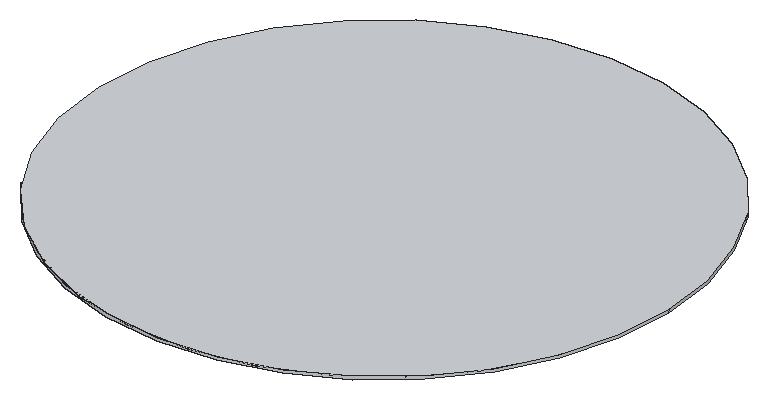
Revit family "SC-Survey_Point", category Generic Models, Revit 2013
Parameters
  Z [instance] = 0 mm
  Radius = 200 mm
  CrosshairSize = 1000 mm
Reference planes
  plane 1 "Center (Front/Back)": y = 0
  plane 2: z = 0
  plane 3 "Center (Left/Right)": x = 0
  plane 4: z = 0
  plane 5: x = -500
  plane 6: x = 500
  plane 7: y = -500
  plane 8: y = 500
Forms (mm)
  Extrusion 1, solid
    sketch origin (0, 0, 0) x (1, 0, 0) y (0, 1, 0)
      loop
        circle (0, 0) r 200
    from -2 to 0
Lines and regions (mm)
  model lines
    curve 1: line (-500, 0, 0) -> (0, 0, 0)
    curve 2: line (0, 500, 0) -> (0, 0, 0)
    curve 3: circle (0, 0, 0) r 200 normal (0, 0, 1)
    curve 4: line (0, 0, 0) -> (500, 0, 0)
    curve 5: line (0, 0, 0) -> (0, -500, 0)
Dimensions and locks
  "Z": plane 2 to plane 4
  equal spacing: plane 5, plane 3 "Center (Left/Right)", plane 6
  equal spacing: plane 8, plane 1 "Center (Front/Back)", plane 7
  "CrosshairSize": plane 8 to plane 7
  "CrosshairSize": plane 5 to plane 6
  "Radius": radius of Extrusion 1 sketch curve
  "Radius": radius of curve 3
  aligned and locked: level to plane 2
  aligned and locked: plane 8 to curve 2
  aligned and locked: plane 7 to curve 5
  aligned and locked: curve 2 to plane 3 "Center (Left/Right)"
  aligned and locked: plane 6 to curve 4
  aligned and locked: plane 5 to curve 1
  aligned and locked: plane 1 "Center (Front/Back)" to curve 1
  aligned and locked: plane 3 "Center (Left/Right)" to curve 4
  aligned and locked: plane 1 "Center (Front/Back)" to curve 5
Automatic sketch dimensions
  plane 1 "Center (Front/Back)" to curve 3 = 0 mm
  curve 3 to plane 3 "Center (Left/Right)" = 0 mm
  plane 1 "Center (Front/Back)" to Extrusion 1 sketch curve = 0 mm
  Extrusion 1 sketch curve to plane 3 "Center (Left/Right)" = 0 mm
